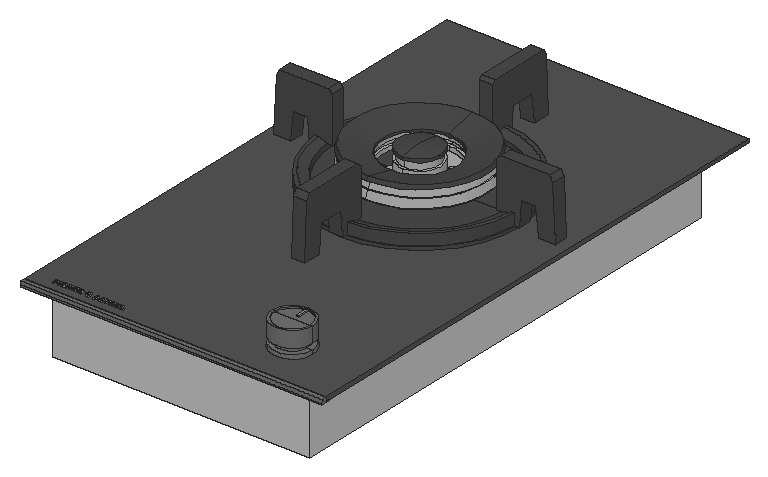
Revit family "FP-Revit20-en-CG301DNGGB4-GasOnGlassCooktop-0-90004462A-CN", category Specialty Equipment, Revit 2020
Family settings
  Round Connector Dimension = Use Diameter
  Part Type = Normal
  OmniClass Number = 23.40.40.14.17.11
  OmniClass Title = Cookers, Ovens, Stoves
  Work Plane-Based = No
  Always vertical = Yes
  Cut with Voids When Loaded = Yes
  Shared = No
  Room Calculation Point = No
Parameters (values of type "JZT-CG301DNGGB4")
  Visibility - Clearance Required = yes
  URL = "www.fisherpaykel.com"
  Product - Width = 300 mm  # constant formula
  Product - Height = 125 mm  # constant formula
  Product - Depth = 530 mm  # constant formula
  Model = "JZT-CG301DNGGB4"
  Material - Trim = Fisher & Paykel - Aluminium, Dark
  Material - Cooktop = Fisher & Paykel - Glass, Black
  Material - Burners & Trivets = Fisher & Paykel - Black, Matte
  Material - Body = Fisher & Paykel - Grey
  Manufacturer = "Fisher & Paykel Appliances"
  FFL Offset [instance] = 900 mm
  Description = "30cm Series 9 1 Burner Gas Cooktop, Natural Gas"
  Default Elevation = 0 mm
  Connector Note - Gas = "NG 1 kPa (4\" WC), Connection is Rp 1/2\" (ISO7-1)"
  Connector Note - Electrical = "230 V, 10 A, fused electrical supply"
  Clearance - Side Combustible = 120 mm  # constant formula
  Clearance - Rear Non-Combustible = 45 mm  # constant formula
  Clearance - Rear Combustible = 160 mm  # constant formula
  Clearance - Overhead Rangehood = 650 mm  # constant formula
  Clearance - Overhead Non-Combustible = 500 mm  # constant formula
  Clearance - Overhead Combustible = 650 mm  # constant formula
  Clearance - Below Non-Combustible = 65 mm  # constant formula
  Clearance - Below Combustible = 70 mm  # constant formula
  Chassis - Width = 256 mm  # constant formula
  Chassis - Height = 59 mm  # constant formula
  Chassis - Depth = 486 mm  # constant formula
  Cavity - Width = 260 mm  # constant formula
  Cavity - Height = 59 mm  # constant formula
  Cavity - Depth = 490 mm  # constant formula
Reference planes
  plane 1 "Datum": y = 0
  plane 2: z = 0
  plane 3 "Center (Left/Right)": x = 0
  plane 4 "Product LHS": x = -150
  plane 5 "Product RHS": x = 150
  plane 6 "Product - Depth": y = 530
  plane 7 "Cavity LHS": x = -130
  plane 8 "Cavity RHS": x = 130
  plane 9 "Cavity - Depth": y = 501.465
  plane 10 "Basepan": z = 841
  plane 11 "Glass": z = 905
  plane 12 "Benchtop": z = 900
Forms (mm)
  Extrusion 1, solid, material "Fisher & Paykel - Glass, Black" <- "Material - Cooktop"
    sketch origin (0, 0, 0) x (0, 1, 0) y (0, 0, 1)
      loop
        line (5.299, 905) -> (5.299, 901) -> (530, 901) -> (530, 905) -> (5.299, 905)
    from -150 to 150
  Extrusion 2, solid, material "Fisher & Paykel - Aluminium, Dark" <- "Material - Trim", detail levels fine
    sketch origin (0, 0, 900) x (0, 1, 0) y (0, 0, 1)
      loop
        line (5.299, 5) -> (0.45, 5) -> (0, 1.5) -> (0, 0) -> (8.39, 0) -> (8.39, 1) -> (5.299, 1) -> (5.299, 5)
    from -150 to 150
  Extrusion 3, solid, material "Fisher & Paykel - Grey" <- "Material - Body"
    sketch origin (0, 0, 0) x (1, 0, 0) y (0, 1, 0)
      loop
        line (141, 521) -> (-25.305, 521) -> (-25.305, 497.465) -> (-126.681, 410.993) -> (-141, 410.993) -> (-141, 11.465) -> (141, 11.465) -> (141, 521)
    from 900 to 901
  Extrusion 4, solid, material "Fisher & Paykel - Grey" <- "Material - Body"
    sketch origin (0, 0, 0) x (1, 0, 0) y (0, 1, 0)
      loop
        line (129.15, 497.465) -> (-25.305, 497.465) -> (-126.85, 410.849) -> (-126.85, 11.465) -> (129.15, 11.465) -> (129.15, 497.465)
    from 841 to 900
  Extrusion 5, solid, material "Fisher & Paykel - Clearance Required (Cutout)", visible <- "Visibility - Clearance Required", detail levels coarse
    sketch origin (0, 0, 0) x (1, 0, 0) y (0, 1, 0)
      loop
        line (-130, 11.465) -> (130, 11.465) -> (130, 501.465) -> (-130, 501.465) -> (-130, 11.465)
    from 841 to 900
  Extrusion 6, void
    sketch origin (0, 0, 0) x (0, 1, 0) y (0, 0, 1)
      loop
        line (497.465, 872.849) -> (404.424, 857.373) -> (407.148, 841) -> (497.465, 841) -> (497.465, 872.849)
    from 65 to 126.85
  Extrusion 7, solid, material "Fisher & Paykel - Grey" <- "Material - Body", detail levels fine
    sketch origin (0, 0, 1000) x (0, 1, 0) y (0, 0, 1)
      loop
        line (480, -130.056) -> (425.258, -139.162) -> (428.13, -156.432) -> (463.493, -156.432) -> (483.825, -153.05) -> (480, -130.056)
    from 75 to 115
  Extrusion 8, solid, material "Fisher & Paykel - Grey" <- "Material - Body", detail levels fine
    sketch origin (95, 0, 1000) x (1, 0, 0) y (0, 0, 1)
      loop
        circle (0, -141.49) r 4
    from -509.984 to -480
  Extrusion 9, solid, material "Fisher & Paykel - Aluminium, Dark" <- "Material - Trim", detail levels coarse+medium
    sketch origin (0, 0, 900) x (0, 1, 0) y (0, 0, 1)
      loop
        line (5.299, 5) -> (0, 5) -> (0, 0) -> (5.299, 0) -> (5.299, 5)
    from -150 to 150
  Extrusion 10, solid, material "Fisher & Paykel - Clearance Required (Combustible)", visible <- "Visibility - Clearance Required", detail levels coarse
    sketch origin (0, 0, 0) x (1, 0, 0) y (0, 1, 0)
      loop
        line (150, 0) -> (250, 0) -> (250, 661.465) -> (-250, 661.465) -> (-250, 0) -> (-150, 0) -> (-150, 546.465) -> (150, 546.465) -> (150, 0)
    from 905 to 1355
  Extrusion 11, solid, material "Fisher & Paykel - Clearance Required (Non-Combustible)", visible <- "Visibility - Clearance Required", detail levels coarse
    sketch origin (0, 0, 0) x (1, 0, 0) y (0, 1, 0)
      loop
        line (-150, 0) -> (150, 0) -> (150, 546.465) -> (-150, 546.465) -> (-150, 0)
    from 905 to 1405
  Extrusion 12, solid, material "Fisher & Paykel - Clearance Required (Rangehood)", visible <- "Visibility - Clearance Required", detail levels coarse
    sketch origin (0, 0, 0) x (1, 0, 0) y (0, 1, 0)
      loop
        line (-150, 546.465) -> (-150, 0) -> (150, 0) -> (150, 546.465) -> (-150, 546.465)
    from 1405 to 1555
  Extrusion 13, solid, material "Fisher & Paykel - Clearance Required (Combustible)", visible <- "Visibility - Clearance Required", detail levels coarse
    sketch origin (0, 0, 0) x (1, 0, 0) y (0, 1, 0)
      loop
        line (-130, 11.465) -> (130, 11.465) -> (130, 501.465) -> (-130, 501.465) -> (-130, 11.465)
    from 830 to 841
  Revolve 14, solid, material "Fisher & Paykel - Grey" <- "Material - Body"
    sketch origin (-105.39, 0, 1000) x (0, 1, 0) y (0, 0, -1)
      loop
        line (396.487, 123.673) -> (442.637, 123.673) -> (442.637, 122.673) -> (464.817, 122.673) -> (464.817, 125.4) -> (449.637, 125.4) -> (449.637, 131.4) -> (396.487, 131.4) -> (396.487, 123.673)
      axis (464.817, 131.4) -> (396.487, 131.4)
    angle from 0 to 360
  Extrusion 15, solid, material "Fisher & Paykel - Grey" <- "Material - Body", detail levels fine
    sketch origin (0, 0, 1000) x (-1, 0, 0) y (0, 0, -1)
      loop
        line (99.05, 120.401) -> (111.75, 120.401) -> (118.1, 131.4) -> (111.75, 142.399) -> (99.05, 142.399) -> (92.7, 131.4) -> (99.05, 120.401)
      loop
        circle (105.39, 131.4) r 7.727
    from -449.637 to -442.637
  Extrusion 16, void
    sketch origin (0, 0, 0) x (1, 0, 0) y (0, 1, 0)
      loop
        line (-130, 11.465) -> (130, 11.465) -> (130, 501.465) -> (-130, 501.465) -> (-130, 11.465)
    from 830 to 900
  Extrusion 17, solid, material "Fisher & Paykel - Aluminium, Dark" <- "Material - Trim", not visible, detail levels fine
    sketch origin (0, 0, 1000) x (0, 1, 0) y (0, 0, 1)
      loop
        line (5.299, 5) -> (0.45, 5) -> (0, 1.5) -> (0, 0) -> (8.39, 0) -> (8.39, 1) -> (5.299, 1) -> (5.299, 5)
    from -150 to 150
  Extrusion 18, solid, material "Fisher & Paykel - Aluminium, Dark" <- "Material - Trim", not visible, detail levels coarse+medium
    sketch origin (0, 0, 1000) x (0, 1, 0) y (0, 0, 1)
      loop
        line (5.299, 5) -> (0, 5) -> (0, 0) -> (5.299, 0) -> (5.299, 5)
    from -150 to 150
Cuts and joins
  joined: Extrusion 7, Extrusion 8
  Extrusion 6 cuts Extrusion 4
Text (mm)
  text "Due to ongoing product development, product details are subject to change without notice. \nPlease always refer to www.fisherpaykel.com for the most current product information. \n© Fisher & Paykel 2020" at (41.04, -260.397, 0), in view "Ref. Level (Plan)"
Dimensions and locks
  equal spacing: plane 4 "Product LHS", plane 3 "Center (Left/Right)", plane 5 "Product RHS"
  "Product - Width": plane 4 "Product LHS" to plane 5 "Product RHS"
  equal spacing: plane 7 "Cavity LHS", plane 3 "Center (Left/Right)", plane 8 "Cavity RHS"
  "Cavity - Width": plane 7 "Cavity LHS" to plane 8 "Cavity RHS"
  locked: plane 1 "Datum" to Extrusion 3 at 11.465
  "Chassis - Depth": Extrusion 3 to Extrusion 4
  "Cavity - Depth": Extrusion 3 to plane 9 "Cavity - Depth"
  "Chassis - Width": cut or joined group of Extrusion 4, Extrusion 6 to cut or joined group of Extrusion 4, Extrusion 6
  "Clearance - Rear Combustible": Extrusion 10 to Extrusion 5
  "Clearance - Side Combustible": Extrusion 10 to plane 7 "Cavity LHS"
  "Clearance - Side Combustible": plane 8 "Cavity RHS" to Extrusion 10
  "Chassis - Height": plane 12 "Benchtop" to plane 10 "Basepan"
  plane 11 "Glass" to plane 12 "Benchtop" = 5 mm
  "FFL Offset": plane 12 "Benchtop" to level
  "Cavity - Height": plane 12 "Benchtop" to Extrusion 5
  "Clearance - Below Combustible": plane 12 "Benchtop" to Extrusion 13
  plane 11 "Glass" to Extrusion 1 sketch curve = 4 mm
  locked: plane 11 "Glass" to Extrusion 1 at 4
  locked: nested 2 to plane 11 "Glass" at 0.8
  "Clearance - Overhead Non-Combustible": Extrusion 12 to plane 11 "Glass"
  "Clearance - Overhead Rangehood": Extrusion 12 to plane 11 "Glass"
  plane 12 "Benchtop" to Extrusion 13 = 59 mm
  locked: Extrusion 6 sketch curve to plane 10 "Basepan" at 31.849
  locked: Extrusion 6 sketch curve to plane 10 "Basepan" at 16.373
  locked: nested 4 to plane 11 "Glass" at 61.328
  "Clearance - Rear Non-Combustible": plane 9 "Cavity - Depth" to Extrusion 12
  locked: Extrusion 10 to plane 11 "Glass" at 450
  aligned and locked: level to plane 2
  aligned and locked: Extrusion 2 to plane 5 "Product RHS"
  aligned and locked: Extrusion 12 to Extrusion 11
  aligned and locked: Extrusion 10 to plane 11 "Glass"
  aligned and locked: plane 12 "Benchtop" to Extrusion 5
  aligned and locked: Extrusion 13 to Extrusion 5
  aligned and locked: Extrusion 4 to Extrusion 6
  aligned and locked: Extrusion 6 to plane 10 "Basepan"
  aligned and locked: Extrusion 6 to Extrusion 4
  aligned and locked: Extrusion 16 to Extrusion 13
  aligned and locked: Extrusion 16 to Extrusion 5
  aligned and locked: Extrusion 1 sketch curve to plane 11 "Glass"
  aligned and locked: Extrusion 1 to Extrusion 3
  aligned and locked: Extrusion 3 to Extrusion 5
  aligned and locked: Extrusion 2 to Extrusion 1
  aligned and locked: Extrusion 2 to Extrusion 3
  aligned and locked: Extrusion 1 to Extrusion 2
  aligned and locked: Extrusion 1 to Extrusion 9
  aligned and locked: Extrusion 9 to Extrusion 2
  aligned and locked: Extrusion 6 to cut or joined group of Extrusion 7, Extrusion 8
  aligned and locked: Extrusion 4 to Extrusion 3
  aligned and locked: Extrusion 11 to Extrusion 1
  aligned and locked: Extrusion 10 to Extrusion 11
Automatic sketch dimensions
  Extrusion 2 sketch curve to Extrusion 2 sketch curve = 4.85 mm
  Extrusion 2 sketch curve to Extrusion 2 sketch curve = 3.09 mm
  Extrusion 2 sketch curve to Extrusion 2 sketch curve = 3.5 mm
  Extrusion 3 sketch curve to plane 4 "Product LHS" = 9 mm
  Extrusion 3 sketch curve to plane 7 "Cavity LHS" = 3.319 mm
  plane 9 "Cavity - Depth" to Extrusion 3 sketch curve = 4 mm
  Extrusion 3 sketch curve to plane 3 "Center (Left/Right)" = 25.305 mm
  plane 5 "Product RHS" to Extrusion 3 sketch curve = 9 mm
  plane 9 "Cavity - Depth" to Extrusion 3 sketch curve = 90.472 mm
  Extrusion 3 sketch curve to plane 1 "Datum" = 11.465 mm
  Extrusion 3 sketch curve to plane 6 "Product - Depth" = 9 mm
  Extrusion 4 sketch curve to plane 7 "Cavity LHS" = 3.15 mm
  plane 9 "Cavity - Depth" to Extrusion 4 sketch curve = 4 mm
  Extrusion 4 sketch curve to plane 3 "Center (Left/Right)" = 25.305 mm
  plane 8 "Cavity RHS" to Extrusion 4 sketch curve = 0.85 mm
  plane 9 "Cavity - Depth" to Extrusion 4 sketch curve = 90.616 mm
  Extrusion 4 sketch curve to plane 1 "Datum" = 11.465 mm
  plane 9 "Cavity - Depth" to Extrusion 5 sketch curve = 0 mm
  plane 7 "Cavity LHS" to Extrusion 5 sketch curve = 0 mm
  Extrusion 5 sketch curve to plane 8 "Cavity RHS" = 0 mm
  Extrusion 5 sketch curve to plane 1 "Datum" = 11.465 mm
  Extrusion 6 sketch curve to Extrusion 6 sketch curve = 2.723 mm
  plane 9 "Cavity - Depth" to Extrusion 6 sketch curve = 4 mm
  Extrusion 6 sketch curve to Extrusion 6 sketch curve = 16.373 mm
  Extrusion 7 sketch curve to Extrusion 7 sketch curve = 2.873 mm
  Extrusion 7 sketch curve to Extrusion 7 sketch curve = 35.363 mm
  plane 1 "Datum" to Extrusion 10 sketch curve = 0 mm  (x2)
  Extrusion 10 sketch curve to plane 4 "Product LHS" = 0 mm
  Extrusion 10 sketch curve to plane 5 "Product RHS" = 0 mm
  plane 4 "Product LHS" to Extrusion 10 sketch curve = 100 mm
  Extrusion 10 sketch curve to plane 5 "Product RHS" = 100 mm
  plane 6 "Product - Depth" to Extrusion 10 sketch curve = 16.465 mm
  plane 6 "Product - Depth" to Extrusion 10 sketch curve = 131.465 mm
  Extrusion 11 sketch curve to plane 4 "Product LHS" = 0 mm
  Extrusion 11 sketch curve to plane 5 "Product RHS" = 0 mm
  plane 1 "Datum" to Extrusion 11 sketch curve = 0 mm
  plane 6 "Product - Depth" to Extrusion 11 sketch curve = 16.465 mm
  plane 1 "Datum" to Extrusion 12 sketch curve = 0 mm
  Extrusion 12 sketch curve to plane 4 "Product LHS" = 0 mm
  Extrusion 12 sketch curve to plane 5 "Product RHS" = 0 mm
  plane 6 "Product - Depth" to Extrusion 12 sketch curve = 16.465 mm
  plane 9 "Cavity - Depth" to Extrusion 13 sketch curve = 0 mm
  plane 7 "Cavity LHS" to Extrusion 13 sketch curve = 0 mm
  Extrusion 13 sketch curve to plane 8 "Cavity RHS" = 0 mm
  Extrusion 13 sketch curve to plane 1 "Datum" = 11.465 mm
  Revolve 14 sketch curve to Revolve 14 sketch curve = 46.15 mm
  Revolve 14 sketch curve to Revolve 14 sketch curve = 7 mm
  Revolve 14 sketch curve to Revolve 14 sketch curve = 15.18 mm
  Revolve 14 sketch curve to Revolve 14 sketch curve = 1.727 mm
  Revolve 14 sketch curve to Revolve 14 sketch curve = 6 mm
  Revolve 14 sketch curve to Revolve 14 sketch curve = 45 mm
  Revolve 14 sketch curve to Revolve 14 sketch curve = 0 mm  (x2)
  Extrusion 15 sketch curve to Extrusion 15 sketch curve = 6.35 mm  (x3)
  Extrusion 15 sketch curve to Extrusion 15 sketch curve = 12.69 mm
  Extrusion 15 sketch curve to Extrusion 15 sketch curve = 12.7 mm  (x2)
  Extrusion 15 sketch curve to Extrusion 15 sketch curve = 10.999 mm  (x3)
  Extrusion 15 sketch curve to Extrusion 15 sketch curve = 0 mm
  plane 9 "Cavity - Depth" to Extrusion 16 sketch curve = 0 mm
  plane 7 "Cavity LHS" to Extrusion 16 sketch curve = 0 mm
  Extrusion 16 sketch curve to plane 8 "Cavity RHS" = 0 mm
  Extrusion 16 sketch curve to plane 1 "Datum" = 11.465 mm
  Extrusion 7 sketch curve to Extrusion 7 sketch curve = 16.507 mm
  Extrusion 7 sketch curve to Extrusion 7 sketch curve = 20.331 mm
  Revolve 14 sketch curve to Revolve 14 sketch curve = 1 mm
  plane 10 "Basepan" to Extrusion 7 sketch curve = 19.838 mm
  plane 9 "Cavity - Depth" to Extrusion 7 sketch curve = 76.208 mm
  plane 8 "Cavity RHS" to Extrusion 8 sketch curve = 35 mm
  plane 10 "Basepan" to Extrusion 8 sketch curve = 17.51 mm
  Revolve 14 sketch curve to plane 12 "Benchtop" = 23.673 mm
  plane 9 "Cavity - Depth" to Revolve 14 sketch curve = 104.979 mm
  plane 7 "Cavity LHS" to Extrusion 15 sketch curve = 37.3 mm
  Extrusion 15 sketch curve to plane 10 "Basepan" = 16.601 mm
  Extrusion 1 sketch curve to plane 6 "Product - Depth" = 0 mm
  Extrusion 1 sketch curve to plane 1 "Datum" = 5.299 mm
  Extrusion 2 sketch curve to Extrusion 2 sketch curve = 0.45 mm
  Extrusion 2 sketch curve to Extrusion 2 sketch curve = 1 mm
  Extrusion 2 sketch curve to Extrusion 2 sketch curve = 1.5 mm
  Extrusion 9 sketch curve to Extrusion 9 sketch curve = 5.299 mm
  Extrusion 9 sketch curve to Extrusion 9 sketch curve = 5 mm
  Extrusion 17 sketch curve to Extrusion 17 sketch curve = 4.85 mm
  Extrusion 17 sketch curve to Extrusion 17 sketch curve = 3.09 mm
  Extrusion 17 sketch curve to Extrusion 17 sketch curve = 3.5 mm
  Extrusion 17 sketch curve to Extrusion 17 sketch curve = 0.45 mm
  Extrusion 17 sketch curve to Extrusion 17 sketch curve = 1 mm
  Extrusion 17 sketch curve to Extrusion 17 sketch curve = 1.5 mm
  Extrusion 18 sketch curve to Extrusion 18 sketch curve = 5.299 mm
  Extrusion 18 sketch curve to Extrusion 18 sketch curve = 5 mm
  radius of Extrusion 8 sketch curve = 4 mm
  radius of Extrusion 15 sketch curve = 7.727 mm
Nested families
  nested 1: "F&P Dial CG" at (79.192, 51.956, 905), type "F&P Dial CG"
  nested 2: "F&P Logo 70mm Horizontal" at (-94.501, 14.253, 905), type "F&P Logo 70mm Horizontal"
  nested 3: "F&P Burner Dual Wok" at (0, 309.387, 900), type "F&P Burner Dual Wok"
  nested 4: "F&P Trivet CG603-752-903-905" at (0, 309.387, 900.5) x (0, -1, 0) z (0, 0, 1), type "F&P Trivet CG603-752-903-905"
  nested 5: "F&P Dial CG" at (79.192, 51.956, 1005), type "F&P Dial CG", not visible
  nested 6: "F&P Logo 70mm Horizontal" at (-94.501, 14.253, 1005), type "F&P Logo 70mm Horizontal", not visible
  nested 7: "F&P Burner Dual Wok" at (0, 309.387, 1000), type "F&P Burner Dual Wok", not visible
  nested 8: "F&P Trivet CG603-752-903-905" at (0, 309.387, 1000.5) x (0, -1, 0) z (0, 0, 1), type "F&P Trivet CG603-752-903-905", not visible
Connectors
  electrical at (95, 509.984, 858.51), driven by "Connector Note - Electrical"
    settings: on cut or joined group of Extrusion 7, Extrusion 8, index 1, voltage 230 V, apparent load 0 VA, apparent load phase1 0 VA, apparent load phase2 0 VA, apparent load phase3 0 VA, power factor 1, load classification "Other", number of poles 1, system type 30, power factor state 1, is connector primary yes, connector utility no, sub classification motor no, connector description "230 V, 10 A, fused electrical supply"
  piping at (-105.39, 464.817, 868.6), diameter 19, driven by "Connector Note - Gas"
    settings: on Revolve 14, index 2, connector inside diameter 609.6 mm, connector length 0 mm, flow factor 0, pipe flow 0.0 L/s, pressure drop 0.0 Pa, fitting loss kfactor 0, connector angle 0.00°, fixture units 0, engagement length 0 mm, angle of deflection 0.00°, flow configuration 0, flow direction 1, fitting loss method 0, system type 22, joint type 0, gender type 0, connector reference index -1, connector utility 0, adjustable connector no, is connector primary yes, connector description "NG 1 kPa (4\" WC), Connection is Rp 1/2\" (ISO7-1)"
Definition of nested family "F&P Dial CG"
  Parameters (values of type "F&P Dial CG")
    URL = "www.fisherpaykel.com"
    Material - Trim = none
    Material - Buttons and Dials = none
    Material - Body = none
    Manufacturer = "Fisher & Paykel Appliances"
    Default Elevation = 0 mm
  Reference planes
    plane 1 "Center (Front/Back)": y = 0
    plane 2: z = 0
    plane 3 "Center (Left/Right)": x = 0
  Forms (mm)
    Revolve 1, solid, material <- "Material - Body", detail levels fine
      sketch origin (0, 0, 0) x (1, 0, 0) y (0, 0, 1)
        loop
          line (0, 0) -> (0, 24.05) -> (-17.75, 24.05) -> (-17.75, 24.95) -> (-20, 24.95) -> (-20, 9.5) -> (-14.513, 9.5) -> (-14.513, 3.5) -> (-20.008, 3.5) -> (-20.5, 0) -> (0, 0)
        axis (0, 24.95) -> (0, 0)
      angle from 0 to 360
    Extrusion 2, void
      sketch origin (0, 0, 0) x (1, 0, 0) y (0, 1, 0)
        loop
          line (-1.05, 17.22) -> (1.05, 17.22) -> (1.05, 20.22) -> (-1.05, 20.22) -> (-1.05, 17.22)
      from 24.05 to 24.95
    Extrusion 3, solid, material <- "Material - Trim", detail levels fine
      sketch origin (0, 0, 0) x (1, 0, 0) y (0, 1, 0)
        loop
          line (-1.05, 6.22) -> (1.05, 6.22) -> (1.05, 20.02) -> (-1.05, 20.02) -> (-1.05, 6.22)
      from 24.05 to 24.95
    Extrusion 4, solid, material <- "Material - Body", detail levels coarse+medium
      sketch origin (0, 0, 0) x (1, 0, 0) y (0, 1, 0)
        loop
          circle (0, 0) r 20.5
      from 9.5 to 24.95
    Extrusion 5, solid, material <- "Material - Body", detail levels coarse+medium
      sketch origin (0, 0, 0) x (1, 0, 0) y (0, 1, 0)
        loop
          circle (0, 0) r 14.513
      from 0 to 9.5
  Cuts and joins
    Extrusion 2 cuts Revolve 1
  Dimensions and locks
    aligned and locked: level to plane 2
Definition of nested family "F&P Logo 70mm Horizontal"
  Parameters (values of type "F&P Logo 70mm Horizontal")
    URL = "www.fisherpaykel.com"
    Material - Logo = none
    Manufacturer = "Fisher & Paykel Appliances"
    Default Elevation = 0 mm
  Reference planes
    plane 1 "Center (Front/Back)": y = 0
    plane 2: z = 0
    plane 3 "Center (Left/Right)": x = 0
  Forms (mm)
    Extrusion 1, solid, material <- "Material - Logo", detail levels fine
      sketch origin (0, 0, 0) x (1, 0, 0) y (0, 1, 0)
        loop
          line (-34.997, 0) -> (-33.895, 0) -> (-33.895, 1.496) -> (-32.174, 1.496) -> (-32.174, 2.431) -> (-33.895, 2.431) -> (-33.895, 3.298) -> (-32.023, 3.298) -> (-32.023, 4.228) -> (-34.997, 4.228) -> (-34.997, 0)
        loop
          line (-29.929, 4.228) -> (-29.929, 0) -> (-28.828, 0) -> (-28.828, 4.228) -> (-29.929, 4.228)
        loop
          line (-21.473, 4.228) -> (-21.473, 0) -> (-20.372, 0) -> (-20.372, 1.694) -> (-18.754, 1.694) -> (-18.754, 0) -> (-17.652, 0) -> (-17.652, 4.228) -> (-18.754, 4.228) -> (-18.754, 2.624) -> (-20.372, 2.624) -> (-20.372, 4.228) -> (-21.473, 4.228)
        loop
          line (-15.301, 4.228) -> (-15.301, 0) -> (-12.288, 0) -> (-12.288, 0.8) -> (-14.209, 0.8) -> (-14.209, 1.694) -> (-12.453, 1.694) -> (-12.453, 2.624) -> (-14.209, 2.624) -> (-14.209, 3.428) -> (-12.288, 3.428) -> (-12.288, 4.228) -> (-15.301, 4.228)
        loop
          line (32, 4.228) -> (32, 0) -> (35.003, 0) -> (35.003, 0.93) -> (33.102, 0.93) -> (33.102, 4.228) -> (32, 4.228)
        loop
          line (29.735, 4.228) -> (26.712, 4.228) -> (26.712, 0) -> (29.735, 0) -> (29.735, 0.8) -> (27.814, 0.8) -> (27.814, 1.694) -> (29.57, 1.694) -> (29.57, 2.624) -> (27.814, 2.624) -> (27.814, 3.428) -> (29.735, 3.428) -> (29.735, 4.228)
        loop
          line (23.449, 2.203) -> (25.012, 4.228) -> (23.724, 4.228) -> (22.374, 2.479) -> (22.374, 4.228) -> (21.273, 4.228) -> (21.273, 0) -> (22.374, 0) -> (22.374, 1.894) -> (23.765, 0) -> (25.067, 0) -> (23.449, 2.203)
        loop
          line (15.42, 4.228) -> (17.017, 1.694) -> (17.017, 0) -> (18.119, 0) -> (18.119, 1.639) -> (19.717, 4.228) -> (18.546, 4.228) -> (17.603, 2.595) -> (16.66, 4.228) -> (15.42, 4.228)
        loop
          line (12.969, 4.228) -> (11.922, 4.228) -> (10.2, 0) -> (11.282, 0) -> (11.585, 0.778) -> (13.278, 0.778) -> (13.581, 0) -> (14.69, 0) -> (12.969, 4.228)
        loop
          line (12.913, 1.708) -> (12.419, 2.922) -> (11.946, 1.708) -> (12.913, 1.708)
        loop
          line (5.656, 4.228) -> (5.656, 0) -> (6.757, 0) -> (6.757, 1.357) -> (7.557, 1.357)
          arc (7.557, 1.357) -> (8.993, 2.792) -> (7.557, 4.228) r 1.436
          line (7.557, 4.228) -> (5.656, 4.228)
        loop
          line (6.757, 2.238) -> (7.557, 2.238)
          arc (7.557, 2.238) -> (8.088, 2.768) -> (7.557, 3.298) r 0.53
          line (7.557, 3.298) -> (6.757, 3.298) -> (6.757, 2.238)
        loop
          line (-8.214, 4.228) -> (-10.023, 4.228) -> (-10.023, 0) -> (-9.058, 0) -> (-9.058, 0.8) -> (-8.258, 0.8) -> (-7.647, 0) -> (-6.373, 0) -> (-7.452, 1.381)
          arc (-7.452, 1.381) -> (-6.741, 3.097) -> (-8.214, 4.228) r 1.525
        loop
          line (-8.921, 3.298) -> (-8.921, 2.137) -> (-8.121, 2.137)
          arc (-8.121, 2.137) -> (-7.54, 2.718) -> (-8.121, 3.298) r 0.581
          line (-8.121, 3.298) -> (-8.921, 3.298)
        loop
          line (0.368, 3.298) -> (0.368, 4.307) -> (-2.553, 4.307) -> (-2.553, 3.499) -> (-2.048, 2.878)
          arc (-2.048, 2.878) -> (-2.424, 0.478) -> (0.002, 0.358) r 1.633
          line (0.002, 0.358) -> (0.495, -0.272) -> (1.765, -0.272) -> (0.636, 1.116) -> (1.613, 2.524) -> (0.481, 2.524) -> (0.025, 1.867) -> (-1.14, 3.298) -> (0.368, 3.298)
        loop
          arc (-1.454, 2.148) -> (-1.555, 1.167) -> (-0.574, 1.067) r 0.697
          line (-0.574, 1.067) -> (-1.454, 2.148)
        loop
          line (-24.593, 2.544) -> (-25.527, 2.737)
          arc (-25.527, 2.737) -> (-25.9, 3.11) -> (-25.527, 3.483) r 0.373
          arc (-25.527, 3.483) -> (-24.631, 3.353) -> (-23.808, 2.973) r 3.153
          line (-23.808, 2.973) -> (-23.808, 4.02)
          arc (-23.808, 4.02) -> (-24.851, 4.326) -> (-25.937, 4.276) r 3.308
          arc (-25.937, 4.276) -> (-26.941, 3.034) -> (-25.937, 1.792) r 1.27
          line (-25.937, 1.792) -> (-24.994, 1.597)
          arc (-24.994, 1.597) -> (-24.621, 1.224) -> (-24.994, 0.851) r 0.373
          arc (-24.994, 0.851) -> (-25.891, 0.981) -> (-26.714, 1.361) r 3.153
          line (-26.714, 1.361) -> (-26.714, 0.314)
          arc (-26.714, 0.314) -> (-25.671, 0.009) -> (-24.585, 0.058) r 3.308
          arc (-24.585, 0.058) -> (-23.58, 1.304) -> (-24.593, 2.544) r 1.27
      from 0 to 0.8
  Dimensions and locks
    Extrusion 1 sketch curve to Extrusion 1 sketch curve = 70 mm
    aligned and locked: level to plane 2
Definition of nested family "F&P Burner Dual Wok"
  Parameters (values of type "F&P Burner Dual Wok")
    URL = "www.fisherpaykel.com"
    Material - Burners & Trivets = none
    Material - Body = none
    Manufacturer = "Fisher & Paykel Appliances"
    Default Elevation = 0 mm
  Reference planes
    plane 1 "Center (Front/Back)": y = 0
    plane 2: z = 0
    plane 3 "Center (Left/Right)": x = 0
  Forms (mm)
    Revolve 1, solid, material <- "Material - Body", detail levels fine
      sketch origin (0, 0, 0) x (0, 1, 0) y (0, 0, 1)
        loop
          line (0, 39.67) -> (0, 19.121) -> (37.394, 19.121) -> (37.394, 23.2) -> (66.033, 23.2) -> (67.033, 24.2) -> (65.112, 32.2) -> (63.561, 32.2) -> (61.561, 40.01) -> (36.35, 34.652) -> (36.35, 31.668) -> (39.31, 31.668) -> (39.31, 26.7) -> (36.35, 26.7) -> (36.35, 22.2) -> (21.2, 22.2) -> (21.2, 31.668) -> (18.48, 31.668) -> (18.48, 39.67) -> (0, 39.67)
        axis (0, 40.01) -> (0, 19.121)
      angle from 0 to 360
    Revolve 2, solid, material <- "Material - Burners & Trivets", detail levels fine
      sketch origin (0, 0, 0) x (0, 1, 0) y (0, 0, 1)
        loop
          line (64.958, 44.616) -> (36.353, 36.951) -> (36.353, 34.652) -> (61.561, 40.01) -> (63.997, 40.01) -> (66.045, 40.559) -> (64.958, 44.616)
        loop
          line (0, 45.115) -> (0, 39.67) -> (21.2, 39.67) -> (21.2, 42.433)
          arc (21.2, 42.433) -> (10.684, 44.442) -> (0, 45.115) r 85.151
        axis (0, 45.115) -> (0, 34.652)
      angle from 0 to 360
    Extrusion 3, void
      sketch origin (0, 0, 0) x (1, 0, 0) y (0, 1, 0)
        loop
          arc (-31.085, 20.785) -> (-37.341, -1.988) -> (-28.703, -23.968) r 37.394
          line (-28.703, -23.968) -> (-19.571, -8.151)
          arc (-19.571, -8.151) -> (-20.975, 3.077) -> (-16.404, 13.429) r 21.2
          line (-16.404, 13.429) -> (-16.404, 15.447)
          arc (-16.404, 15.447) -> (-17.093, 17.364) -> (-18.844, 18.406) r 3.015
          line (-18.844, 18.406) -> (-31.085, 20.785)
        loop
          arc (-20.415, -31.33) -> (0, -37.394) -> (20.415, -31.33) r 37.394
          line (20.415, -31.33) -> (12.297, -17.269)
          arc (12.297, -17.269) -> (0, -21.2) -> (-12.297, -17.269) r 21.2
          line (-12.297, -17.269) -> (-20.415, -31.33)
        loop
          line (31.085, 20.785) -> (18.844, 18.406)
          arc (18.844, 18.406) -> (17.093, 17.364) -> (16.404, 15.447) r 3.015
          line (16.404, 15.447) -> (16.404, 13.429)
          arc (16.404, 13.429) -> (20.975, 3.077) -> (19.571, -8.151) r 21.2
          line (19.571, -8.151) -> (28.703, -23.968)
          arc (28.703, -23.968) -> (37.341, -1.988) -> (31.085, 20.785) r 37.394
      from 19.121 to 23.2
    Revolve 4, solid, material <- "Material - Burners & Trivets", detail levels coarse+medium
      sketch origin (0, 0, 0) x (0, 1, 0) y (0, 0, 1)
        loop
          line (-67.134, 45.199) -> (-67.134, 23.2) -> (-36.35, 23.2) -> (-36.35, 36.951) -> (-67.134, 45.199)
        loop
          line (-21.2, 42.433) -> (-21.2, 23.2) -> (0, 23.2) -> (0, 42.433) -> (-21.2, 42.433)
        axis (0, 45.199) -> (0, 23.2)
      angle from 0 to 360
  Cuts and joins
    Extrusion 3 cuts Revolve 2
    Extrusion 3 cuts Revolve 1
  Dimensions and locks
    aligned and locked: level to plane 2
Definition of nested family "F&P Trivet CG603-752-903-905"
  Parameters (values of type "F&P Trivet CG603-752-903-905")
    URL = "www.fisherpaykel.com"
    Material - Burners & Trivets = none
    Manufacturer = "Fisher & Paykel Appliances"
    Default Elevation = 0 mm
  Reference planes
    plane 1 "Center (Front/Back)": y = 0
    plane 2: z = 0
    plane 3 "Center (Left/Right)": x = 0
  Forms (mm)
    Revolve 1, solid, material <- "Material - Burners & Trivets", detail levels fine
      sketch origin (0, 0, 0) x (0, 1, 0) y (0, 0, 1)
        loop
          line (-85.317, 7.5) -> (-99, 7.5) -> (-99, 4.5) -> (0, 4.5) -> (0, 12.8) -> (-85.317, 12.8) -> (-85.317, 7.5)
        axis (0, 12.8) -> (0, 4.5)
      angle from 0 to 360
    Revolve 2, solid, material <- "Material - Burners & Trivets", detail levels fine
      sketch origin (0, 0, 0) x (0, 1, 0) y (0, 0, 1)
        loop
          line (-99.153, 8.7) -> (-86.697, 8.7) -> (-86.697, 16.577) -> (-95.884, 19.7) -> (-99.153, 19.7) -> (-99.153, 8.7)
        axis (0, 19.7) -> (0, 8.7)
      angle from 0 to 360
    Extrusion 3, solid, material <- "Material - Burners & Trivets", detail levels coarse+medium
      sketch origin (0, 0, 0) x (0, 1, 0) y (0, 0, 1)
        loop
          line (-140.001, 4.5) -> (-82.863, 4.5) -> (-82.863, 65.828) -> (-140.001, 65.828) -> (-140.001, 4.5)
        loop
          line (140.001, 4.5) -> (140.001, 65.828) -> (82.863, 65.828) -> (82.863, 4.5) -> (140.001, 4.5)
      from -6.5 to 6.5
    Extrusion 4, solid, material <- "Material - Burners & Trivets", detail levels fine
      sketch origin (0, 0, 0) x (1, 0, 0) y (0, 0, 1)
        loop
          line (-145.326, 65.828) -> (-148.638, 60.09) -> (-151, 6) -> (-134, 6) -> (-131.12, 33.4) -> (-106.88, 33.4) -> (-104.284, 8.7) -> (-86.958, 8.7) -> (-86.958, 16.577) -> (-81.958, 16.577) -> (-81.958, 62.253) -> (-85.533, 65.828) -> (-145.326, 65.828)
        loop
          line (145.326, 65.828) -> (85.533, 65.828) -> (81.958, 62.253) -> (81.958, 16.577) -> (86.958, 16.577) -> (86.958, 8.7) -> (104.284, 8.7) -> (106.88, 33.4) -> (131.12, 33.4) -> (134, 6) -> (151, 6) -> (148.638, 60.09) -> (145.326, 65.828)
      from -6.5 to 6.5
    Extrusion 5, solid, material <- "Material - Burners & Trivets", detail levels coarse+medium
      sketch origin (0, 0, 0) x (1, 0, 0) y (0, 0, 1)
        loop
          line (-151, 4.5) -> (-82.927, 4.5) -> (-82.927, 65.828) -> (-151, 65.828) -> (-151, 4.5)
        loop
          line (151, 4.5) -> (151, 65.828) -> (82.958, 65.828) -> (82.958, 4.5) -> (151, 4.5)
      from -6.5 to 6.5
    Revolve 6, solid, material <- "Material - Burners & Trivets", detail levels coarse+medium
      sketch origin (0, 0, 0) x (0, 1, 0) y (0, 0, 1)
        loop
          line (-82.083, 20.853) -> (-102.311, 20.853) -> (-102.311, 4.5) -> (-82.083, 4.5) -> (-82.083, 20.853)
        axis (0, 20.853) -> (0, 4.5)
      angle from 0 to 360
    Extrusion 7, solid, material <- "Material - Burners & Trivets", detail levels fine
      sketch origin (0, 0, 0) x (0, 1, 0) y (0, 0, 1)
        loop
          line (134.327, 65.828) -> (85.438, 65.828) -> (81.863, 62.253) -> (81.863, 16.577) -> (86.697, 16.577) -> (86.697, 8.7) -> (104.189, 8.7) -> (106.785, 33.4) -> (120.121, 33.4) -> (123.001, 6) -> (140.001, 6) -> (137.639, 60.09) -> (134.327, 65.828)
        loop
          line (-134.327, 65.828) -> (-137.639, 60.09) -> (-140.001, 6) -> (-123.001, 6) -> (-120.121, 33.4) -> (-106.785, 33.4) -> (-104.189, 8.7) -> (-86.697, 8.7) -> (-86.697, 16.577) -> (-81.863, 16.577) -> (-81.863, 62.253) -> (-85.438, 65.828) -> (-134.327, 65.828)
      from -6.5 to 6.5
  Cuts and joins
    joined: Revolve 2, Extrusion 4, Extrusion 7
    joined: Extrusion 3, Extrusion 5, Revolve 6
  Dimensions and locks
    aligned and locked: level to plane 2
